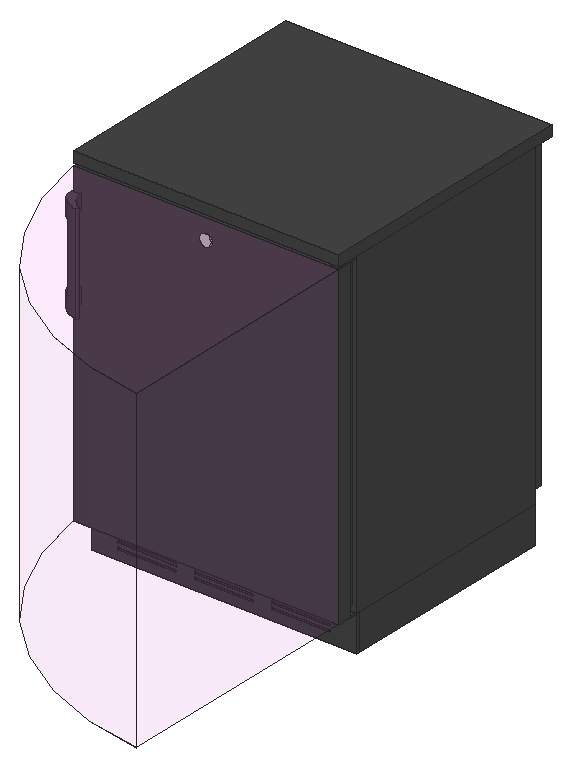
Revit family "QF_Summit_FF7LBLK_Refrigerator", category Specialty Equipment, Revit 2020
Family settings
  Round Connector Dimension = Use Diameter
  Part Type = Normal
  Work Plane-Based = No
  Always vertical = Yes
  Cut with Voids When Loaded = No
  Shared = No
  Room Calculation Point = No
Parameters
  Weight in Pounds = 100
  Watts = Volts * FL Amps  # 92 W
  Volts = 115 V
  URL Cutsheet = ""
  Specification by User = ""
  Specification by Manufacturer = ""
  Show LHD [instance] = no
  Right Hinged Door [instance] = not(Show LHD)  # yes
  Serial Number = ""
  Seismic Rating = ""
  SMACNA No = ""
  Revision Code = ""
  Refrigerant Volume = 0.00 kip
  Refrigerant Type = "R600a"
  Phase = 1
  Number of Poles = 1
  NAFEM Spec ID Number = ""
  Model = "FF7LBLK"
  Min Ckt Ampacity = 0 A
  Max Overcurrent Protection = 0 A
  Masterspec = ""
  Manufacturer = "Summit"
  Length = 23 5/8"
  Item Number = ""
  Installed By = ""
  Identify Quantity as Lot = yes
  Height = 33 1/2"
  HP = ""
  Furnished By = ""
  Foodservice Equipment Identifier = yes
  FL Amps = 0.8 A
  Electrical Remarks = ""
  Electric Connection Type = ""
  Elec Conn RI Height = 0"
  Elec Conn Connection Height = 0"
  Description = "Refrigerator"
  Depth = 23 5/8"
  Default Elevation = 0"
  Cycle = 60 Hz
  Conn Plug = ""
  Conn Conduit = yes
  CSI MasterFormat = ""
  BTUH = 0.0 Btu/h
  Apparent Power = if(Phase = 3, Volts * FL Amps * 1.73, Volts * FL Amps)  # 92 VA
Reference planes (in)
  plane 1 "BACK": y = 0
  plane 2: z = 0
  plane 3 "LEFT": x = 0
  plane 4 "RIGHT": x = 23.625
  plane 5 "FRONT": y = -23.625
  plane 6 "TOP": z = 33.5
  plane 7 "Center Y": x = 11.8125
  plane 8 "Center X": y = -11.8125
  plane 9: z = 32.25
  plane 10: y = -25.5
  plane 11: y = -1.875
  plane 12: y = -21.625
  plane 13: x = 16.625
  plane 14: z = 4
  plane 15: z = 0.75
  plane 16: y = -46.125
Forms (in)
  Extrusion 1, solid, material "QF_Metallic_Paint_Black_Smooth"
    sketch origin (-38.39759, -180, 33.5) x (-1, 0, 0) y (0, -1, 0)
      loop
        line (-38.39759, -180) -> (-38.39759, -156.375) -> (-62.02259, -156.375) -> (-62.02259, -180) -> (-38.39759, -180)
    from 0 to -1
  Extrusion 2, solid, material "QF_Metallic_Paint_Black_Smooth"
    sketch origin (-4.07558, -180.875, 0.875) x (-1, 0, 0) y (0, -1, 0)
      loop
        line (-4.07558, -179) -> (-4.07558, -159.25) -> (-27.70058, -159.25) -> (-27.70058, -179) -> (-4.07558, -179)
    from 3.125 to 31.625
  Extrusion 3, solid, material "QF_Metallic_Paint_Black_Smooth"
    sketch origin (-5.77638, -180.875, 4.125) x (-1, 0, 0) y (0, -1, 0)
      loop
        line (-5.77638, -157.25) -> (-29.40138, -157.25) -> (-29.40138, -158.5) -> (-5.77638, -158.5) -> (-5.77638, -157.25)
    from -0.125 to 28.125
  Extrusion 4, solid, material "QF_Metallic_Paint_Black_Smooth"
    sketch origin (23.625, -22.375, 4.125) x (-1, 0, 0) y (0, 0, 1)
      loop
        line (0.5, 0.375) -> (23.125, 0.375) -> (23.125, 27.625) -> (0.5, 27.625) -> (0.5, 0.375)
    from 0 to 0.75
  Extrusion 5, solid, material "QF_Metallic_Paint_Black_Smooth", visible <- "Right Hinged Door"
    sketch origin (-5.77638, -180.875, 32.25) x (-1, 0, 0) y (0, -1, 0)
      loop
        line (-29.27619, -159.25) -> (-27.58808, -159.25) -> (-28.47012, -157.54371)
        arc (-28.47012, -157.54371) -> (-28.95386, -157.33588) -> (-29.27619, -157.75217) r 0.42999
        line (-29.27619, -157.75217) -> (-29.27619, -159.25)
    from 0 to 0.25
  Extrusion 6, solid, material "QF_Metallic_Paint_Black_Smooth", visible <- "Right Hinged Door"
    sketch origin (-5.77638, -180.625, 4) x (0, 1, 0) y (1, 0, 0)
      loop
        line (159, 29.27619) -> (157.50217, 29.27619)
        arc (157.50217, 29.27619) -> (157.08588, 28.95386) -> (157.29371, 28.47012) r 0.42999
        line (157.29371, 28.47012) -> (159, 27.58808) -> (159, 29.27619)
    from 0 to 0.125
  Extrusion 7, solid, material "QF_Metallic_Paint_Black_Smooth"
    sketch origin (-12.48311, -21.625, 48.125) x (-1, 0, 0) y (0, 0, 1)
      loop
        line (-12.48311, -44.125) -> (-36.10811, -44.125) -> (-36.10811, -47.375) -> (-12.48311, -47.375) -> (-12.48311, -44.125)
      loop
        line (-14.81372, -44.76011) -> (-20.06372, -44.76011) -> (-20.06372, -45.01011) -> (-14.81372, -45.01011) -> (-14.81372, -44.76011)
      loop
        line (-14.81372, -45.26011) -> (-20.06372, -45.26011) -> (-20.06372, -45.51011) -> (-14.81372, -45.51011) -> (-14.81372, -45.26011)
      loop
        line (-14.81372, -45.76011) -> (-20.06372, -45.76011) -> (-20.06372, -46.01011) -> (-14.81372, -46.01011) -> (-14.81372, -45.76011)
      loop
        line (-14.81372, -46.26011) -> (-20.06372, -46.26011) -> (-20.06372, -46.51011) -> (-14.81372, -46.51011) -> (-14.81372, -46.26011)
      loop
        line (-21.68145, -44.76011) -> (-26.93145, -44.76011) -> (-26.93145, -45.01011) -> (-21.68145, -45.01011) -> (-21.68145, -44.76011)
      loop
        line (-21.68145, -45.26011) -> (-26.93145, -45.26011) -> (-26.93145, -45.51011) -> (-21.68145, -45.51011) -> (-21.68145, -45.26011)
      loop
        line (-21.68145, -45.76011) -> (-26.93145, -45.76011) -> (-26.93145, -46.01011) -> (-21.68145, -46.01011) -> (-21.68145, -45.76011)
      loop
        line (-21.68145, -46.26011) -> (-26.93145, -46.26011) -> (-26.93145, -46.51011) -> (-21.68145, -46.51011) -> (-21.68145, -46.26011)
      loop
        line (-33.77749, -44.76011) -> (-33.77749, -45.01011) -> (-28.52749, -45.01011) -> (-28.52749, -44.76011) -> (-33.77749, -44.76011)
      loop
        line (-33.77749, -45.26011) -> (-33.77749, -45.51011) -> (-28.52749, -45.51011) -> (-28.52749, -45.26011) -> (-33.77749, -45.26011)
      loop
        line (-33.77749, -45.76011) -> (-33.77749, -46.01011) -> (-28.52749, -46.01011) -> (-28.52749, -45.76011) -> (-33.77749, -45.76011)
      loop
        line (-33.77749, -46.26011) -> (-33.77749, -46.51011) -> (-28.52749, -46.51011) -> (-28.52749, -46.26011) -> (-33.77749, -46.26011)
    from 0 to 0.25
  Extrusion 8, solid, material "QF_Metallic_Paint_Black_Smooth"
    sketch origin (-12.48311, -1.875, 48.125) x (-1, 0, 0) y (0, 0, 1)
      loop
        line (-12.48311, -44.125) -> (-36.10811, -44.125) -> (-36.10811, -47.375) -> (-12.48311, -47.375) -> (-12.48311, -44.125)
    from -19.75 to 0
  Extrusion 9, solid, material "QF_Metallic_Paint_Black_Smooth"
    sketch origin (0, -0.875, 0.125) x (1, 0, 0) y (0, 1, 0)
      loop
        circle (3.1104, -19) r 0.5
      loop
        circle (3.1104, -3.25) r 0.5
      loop
        circle (20.5146, -19) r 0.5
      loop
        circle (20.5146, -3.25) r 0.5
    from -0.125 to 0.625
  Extrusion 10, solid, material "QF_Metallic_Paint_White_Smooth"
    sketch origin (-0.83669, -1.875, 0.875) x (1, 0, 0) y (0, 0, -1)
      loop
        circle (17.46169, -0.84684) r 0.25
    from 0 to 0.25
  Extrusion 11, solid, material "QF_Metallic_Paint_Black_Smooth"
    sketch origin (0, -1.625, 18.625) x (0, -1, 0) y (1, 0, 0)
      loop
        line (-1.125, 0.5) -> (0.25, 0.5) -> (0.25, 23.125) -> (-1.125, 23.125) -> (-1.125, 0.5)
    from -13.875 to 13.875
  Extrusion 12, solid, material "QF_Metallic_Paint_Black_Smooth", visible <- "Right Hinged Door"
    sketch origin (-4.33192, -180.875, 21.5) x (-1, 0, 0) y (0, -1, 0)
      loop
        line (-4.99373, -157.25) -> (-4.33192, -157.25) -> (-4.33192, -158.25) -> (-4.20874, -158.25) -> (-4.20874, -157.23514)
        arc (-4.20874, -157.23514) -> (-4.75356, -155.91982) -> (-6.06887, -155.375) r 1.86014
        arc (-6.06887, -155.375) -> (-6.19258, -155.46667) -> (-6.14089, -155.6117) r 0.1293
        arc (-6.14089, -155.6117) -> (-5.31997, -156.25765) -> (-4.99373, -157.25) r 1.80686
    from 0 to 8.75
  Extrusion 13, void
    sketch origin (-0.313, -24.02623, 29.25) x (-0.903686, -0.428195, 0) y (-0.428195, 0.903686, 0)
      loop
        line (-0.6026, 1.26504) -> (-2.35298, 0.43565) -> (-1.6054, -1.14209) -> (0.11167, -1.7551) -> (0.69701, -1.47774) -> (-0.6026, 1.26504)
    from 0.375 to 6.375
  Extrusion 14, solid, material "QF_Clearances_Door_Drawer", visible <- "Right Hinged Door"
    sketch origin (-5.77638, -180.875, 4) x (0, -1, 0) y (-1, 0, 0)
      loop
        line (-157.25, -29.40138) -> (-134.75, -29.40138)
        arc (-134.75, -29.40138) -> (-141.84736, -13.63398) -> (-157.25, -5.77638) r 26.06837
        line (-157.25, -5.77638) -> (-157.25, -29.40138)
    from 0 to -28.25
  Extrusion 15, solid, material "QF_Metal_Stainless_Polished"
    sketch origin (23.625, -23.625, 4) x (-1, 0, 0) y (0, 0, 1)
      loop
        circle (11.8125, 26.5) r 0.5
    from 0 to -0.0625
  Extrusion 16, solid, material "QF_Metallic_Paint_Black_Smooth", visible <- "Show LHD"
    sketch origin (29.40138, -180.875, 32.25) x (1, 0, 0) y (0, 1, 0)
      loop
        line (-29.27619, 159.25) -> (-29.27619, 157.75217)
        arc (-29.27619, 157.75217) -> (-28.95386, 157.33588) -> (-28.47012, 157.54371) r 0.42999
        line (-28.47012, 157.54371) -> (-27.58808, 159.25) -> (-29.27619, 159.25)
    from 0 to 0.25
  Extrusion 17, solid, material "QF_Metallic_Paint_Black_Smooth", visible <- "Show LHD"
    sketch origin (29.40138, -180.625, 4) x (0, -1, 0) y (-1, 0, 0)
      loop
        line (-159, 29.27619) -> (-159, 27.58808) -> (-157.29371, 28.47012)
        arc (-157.29371, 28.47012) -> (-157.08588, 28.95386) -> (-157.50217, 29.27619) r 0.42999
        line (-157.50217, 29.27619) -> (-159, 29.27619)
    from 0 to 0.125
  Extrusion 18, solid, material "QF_Metallic_Paint_Black_Smooth", visible <- "Show LHD"
    sketch origin (27.95692, -180.875, 21.5) x (1, 0, 0) y (0, 1, 0)
      loop
        arc (-4.99373, 157.25) -> (-5.31997, 156.25765) -> (-6.14089, 155.6117) r 1.80686
        arc (-6.14089, 155.6117) -> (-6.19258, 155.46667) -> (-6.06887, 155.375) r 0.1293
        arc (-6.06887, 155.375) -> (-4.75356, 155.91982) -> (-4.20874, 157.23514) r 1.86014
        line (-4.20874, 157.23514) -> (-4.20874, 158.25) -> (-4.33192, 158.25) -> (-4.33192, 157.25) -> (-4.99373, 157.25)
    from 0 to 8.75
  Extrusion 19, void
    sketch origin (23.938, -24.02623, 29.25) x (-0.903686, 0.428195, 0) y (0.428195, 0.903686, 0)
      loop
        line (0.6026, 1.26504) -> (-0.69701, -1.47774) -> (-0.11167, -1.7551) -> (1.6054, -1.14209) -> (2.35298, 0.43565) -> (0.6026, 1.26504)
    from 0.375 to 6.375
  Extrusion 20, solid, material "QF_Clearances_Door_Drawer", visible <- "Show LHD"
    sketch origin (29.40138, -180.875, 4) x (0, 1, 0) y (1, 0, 0)
      loop
        line (157.25, -29.40138) -> (157.25, -5.77638)
        arc (157.25, -5.77638) -> (141.84736, -13.63398) -> (134.75, -29.40138) r 26.06837
        line (134.75, -29.40138) -> (157.25, -29.40138)
    from 0 to -28.25
Cuts and joins
  Extrusion 13, Extrusion 19 cuts Extrusion 12
  Extrusion 19 cuts Extrusion 18
Lines and regions (in)
  symbolic lines
    curve 1: line (0, 0, 0) -> (0, -23.625, 0)
    curve 2: line (23.625, -23.625, 0) -> (23.625, 0, 0)
    curve 3: line (0, -23.625, 0) -> (23.625, -23.625, 0)
    curve 10: line (23.625, 0, 0) -> (0, 0, 0)
  symbolic lines, visible <- "Right Hinged Door"
    curve 4: line (-0.12318, -22.625, 0) -> (0, -22.625, 0)
    curve 5: line (-0.12318, -22.625, 0) -> (-0.12318, -23.63986, 0)
    curve 6: arc (-0.12318, -23.63986, 0) -> (0.42164, -24.95518, 0) -> (1.73695, -25.5, 0) r 1.86014
    curve 7: arc (1.80897, -25.2633, 0) -> (0.98805, -24.61735, 0) -> (0.66182, -23.625, 0) r 1.80686
    curve 8: arc (1.73695, -25.5, 0) -> (1.86066, -25.40833, 0) -> (1.80897, -25.2633, 0) r 0.1293
  symbolic lines, style "QF_Clearances_Door_Drawer", visible <- "Right Hinged Door"
    curve 9: line (23.625, -23.625, 0) -> (4.27198, -34.79847, 0)
    curve 11: arc (4.27198, -34.79847, 0) -> (1.48641, -29.46009, 0) -> (0, -23.625, 0) r 26.06837
  symbolic lines, style "QF_Clearances_Door_Drawer", visible <- "Show LHD"
    curve 12: line (0, -23.625, 0) -> (19.35302, -34.79847, 0)
    curve 13: arc (19.35302, -34.79847, 0) -> (22.13859, -29.46009, 0) -> (23.625, -23.625, 0) r 26.06837
  symbolic lines, visible <- "Show LHD"
    curve 14: line (23.74818, -22.625, 0) -> (23.625, -22.625, 0)
    curve 15: line (23.74818, -22.625, 0) -> (23.74818, -23.63986, 0)
    curve 16: arc (23.74818, -23.63986, 0) -> (23.20336, -24.95518, 0) -> (21.88805, -25.5, 0) r 1.86014
    curve 17: arc (21.81603, -25.2633, 0) -> (22.63695, -24.61735, 0) -> (22.96318, -23.625, 0) r 1.80686
    curve 18: arc (21.88805, -25.5, 0) -> (21.76434, -25.40833, 0) -> (21.81603, -25.2633, 0) r 0.1293
Dimensions and locks (in)
  equal spacing: plane 3 "LEFT", plane 7 "Center Y", plane 4 "RIGHT"
  "Length": plane 3 "LEFT" to plane 4 "RIGHT"
  equal spacing: plane 5 "FRONT", plane 8 "Center X", plane 1 "BACK"
  "Depth": plane 5 "FRONT" to plane 1 "BACK"
  "Height": plane 6 "TOP" to level
  plane 4 "RIGHT" to plane 3 "LEFT" = 23 5/8"
  plane 6 "TOP" to plane 9 = 1 1/4"
  locked: plane 10 to plane 5 "FRONT" at 1.875
  plane 1 "BACK" to plane 11 = 1 7/8"
  plane 11 to plane 12 = 19 3/4"
  plane 9 to plane 2 = 32 1/4"
  locked: plane 14 to plane 15 at 3.25
  plane 15 to plane 2 = 3/4"
  plane 13 to plane 4 "RIGHT" = 7"
  plane 1 "BACK" to plane 16 = 46 1/8"
  aligned and locked: level to plane 2
Automatic sketch dimensions
  plane 1 "BACK" to Extrusion 1 sketch curve = 0"
  Extrusion 1 sketch curve to plane 4 "RIGHT" = 0"
  Extrusion 1 sketch curve to plane 3 "LEFT" = 0"
  plane 5 "FRONT" to Extrusion 1 sketch curve = 0"
  Extrusion 2 sketch curve to plane 4 "RIGHT" = 0"
  Extrusion 2 sketch curve to plane 3 "LEFT" = 0"
  Extrusion 2 sketch curve to plane 11 = 0"
  Extrusion 2 sketch curve to plane 12 = 0"
  Extrusion 3 sketch curve to plane 4 "RIGHT" = 0"
  Extrusion 3 sketch curve to plane 3 "LEFT" = 0"
  plane 5 "FRONT" to Extrusion 3 sketch curve = 0"
  Extrusion 3 sketch curve to plane 12 = 3/4"
  Extrusion 3 to Extrusion 4 sketch curve = 1/2"  (x3)
  Extrusion 4 sketch curve to Extrusion 3 = 1/2"
  Extrusion 5 sketch curve to Extrusion 3 = 0.12518"
  Extrusion 5 sketch curve to Extrusion 5 sketch curve = 0.42999"
  Extrusion 5 sketch curve to Extrusion 3 = 0.29371"
  Extrusion 5 sketch curve to Extrusion 5 sketch curve = 0.37608"
  Extrusion 3 to Extrusion 5 sketch curve = 3/4"
  Extrusion 5 sketch curve to Extrusion 5 sketch curve = 1.68812"
  Extrusion 6 sketch curve to plane 12 = 0"
  Extrusion 6 sketch curve to plane 5 "FRONT" = 0.50217"
  Extrusion 6 sketch curve to plane 5 "FRONT" = 0.29371"
  plane 4 "RIGHT" to Extrusion 6 sketch curve = 0.12518"
  Extrusion 6 sketch curve to Extrusion 6 sketch curve = 0.42999"
  Extrusion 6 sketch curve to Extrusion 6 sketch curve = 1.68812"
  plane 4 "RIGHT" to Extrusion 7 sketch curve = 0"
  Extrusion 7 sketch curve to plane 3 "LEFT" = 0"
  Extrusion 7 sketch curve to plane 15 = 0"
  Extrusion 7 sketch curve to plane 14 = 0"
  Extrusion 7 sketch curve to plane 14 = 0.88511"
  plane 4 "RIGHT" to Extrusion 7 sketch curve = 2.33062"
  Extrusion 7 sketch curve to Extrusion 7 sketch curve = 0"  (x18)
  plane 13 to Extrusion 7 sketch curve = 0.58062"
  Extrusion 7 sketch curve to Extrusion 7 sketch curve = 1.59604"
  Extrusion 7 sketch curve to plane 14 = 1.13511"
  Extrusion 7 sketch curve to plane 7 "Center Y" = 2.61416"
  Extrusion 7 sketch curve to Extrusion 7 sketch curve = 1.61773"
  plane 3 "LEFT" to Extrusion 7 sketch curve = 2.33062"
  plane 15 to Extrusion 7 sketch curve = 0.86489"  (x3)
  Extrusion 7 sketch curve to Extrusion 7 sketch curve = 1/4"  (x19)
  plane 4 "RIGHT" to Extrusion 8 sketch curve = 0"
  Extrusion 8 sketch curve to plane 3 "LEFT" = 0"
  Extrusion 8 sketch curve to plane 15 = 0"
  Extrusion 8 sketch curve to plane 14 = 0"
  plane 3 "LEFT" to Extrusion 9 sketch curve = 3.1104"  (x2)
  plane 4 "RIGHT" to Extrusion 9 sketch curve = 3.1104"  (x2)
  plane 12 to Extrusion 9 sketch curve = 1 3/4"  (x2)
  Extrusion 9 sketch curve to plane 11 = 2 1/4"  (x2)
  Extrusion 10 sketch curve to Extrusion 2 = 2.27816"
  Extrusion 10 sketch curve to Extrusion 2 = 7"
  Extrusion 11 sketch curve to plane 11 = 0"
  plane 1 "BACK" to Extrusion 11 sketch curve = 1/2"
  plane 3 "LEFT" to Extrusion 11 sketch curve = 1/2"
  plane 4 "RIGHT" to Extrusion 11 sketch curve = 1/2"
  Extrusion 12 sketch curve to plane 10 = 0"  (x2)
  plane 5 "FRONT" to Extrusion 12 sketch curve = 0"
  Extrusion 12 sketch curve to plane 3 "LEFT" = 0"
  Extrusion 12 sketch curve to Extrusion 12 sketch curve = 0.66182"
  plane 10 to Extrusion 12 sketch curve = 0.1293"
  plane 3 "LEFT" to Extrusion 12 sketch curve = 1.73695"
  Extrusion 12 sketch curve to plane 5 "FRONT" = 0.04402"
  Extrusion 12 sketch curve to Extrusion 12 sketch curve = 0.73118"
  Extrusion 12 sketch curve to plane 3 "LEFT" = 0.12318"
  Extrusion 12 sketch curve to Extrusion 12 sketch curve = 1"
  Extrusion 13 sketch curve to plane 5 "FRONT" = 1"
  plane 3 "LEFT" to Extrusion 13 sketch curve = 1.62682"
  Extrusion 13 sketch curve to Extrusion 13 sketch curve = 0.74758"
  Extrusion 13 sketch curve to Extrusion 13 sketch curve = 1.75038"
  Extrusion 13 sketch curve to Extrusion 13 sketch curve = 1.71708"
  Extrusion 13 sketch curve to Extrusion 13 sketch curve = 0.58534"
  Extrusion 13 sketch curve to Extrusion 13 sketch curve = 0.82939"
  Extrusion 14 sketch curve to plane 3 "LEFT" = 0"
  plane 5 "FRONT" to Extrusion 14 sketch curve = 0"
  Extrusion 14 sketch curve to plane 4 "RIGHT" = 0"
  Extrusion 14 sketch curve to plane 16 = 0"
  plane 12 to Extrusion 14 sketch curve = 1.47446"
  Extrusion 14 to Extrusion 15 sketch curve = 1 3/4"
  Extrusion 15 sketch curve to Extrusion 14 = 11 13/16"
  Extrusion 16 sketch curve to Extrusion 3 = 0.12518"
  Extrusion 16 sketch curve to Extrusion 16 sketch curve = 0.42999"
  Extrusion 16 sketch curve to Extrusion 3 = 0.29371"
  Extrusion 16 sketch curve to Extrusion 16 sketch curve = 0.37608"
  Extrusion 3 to Extrusion 16 sketch curve = 3/4"
  Extrusion 16 sketch curve to Extrusion 16 sketch curve = 1.68812"
  Extrusion 17 sketch curve to plane 12 = 0"
  Extrusion 17 sketch curve to plane 5 "FRONT" = 0.50217"
  Extrusion 17 sketch curve to plane 5 "FRONT" = 0.29371"
  plane 3 "LEFT" to Extrusion 17 sketch curve = 0.12518"
  Extrusion 17 sketch curve to Extrusion 17 sketch curve = 0.42999"
  Extrusion 17 sketch curve to Extrusion 17 sketch curve = 1.68812"
  plane 10 to Extrusion 18 sketch curve = 0"  (x2)
  plane 5 "FRONT" to Extrusion 18 sketch curve = 0"
  Extrusion 18 sketch curve to plane 4 "RIGHT" = 0"
  Extrusion 18 sketch curve to Extrusion 18 sketch curve = 0.66182"
  plane 10 to Extrusion 18 sketch curve = 0.1293"
  plane 4 "RIGHT" to Extrusion 18 sketch curve = 1.73695"
  Extrusion 18 sketch curve to plane 5 "FRONT" = 0.04402"
  Extrusion 18 sketch curve to Extrusion 18 sketch curve = 0.73118"
  Extrusion 18 sketch curve to plane 4 "RIGHT" = 0.12318"
  Extrusion 18 sketch curve to Extrusion 18 sketch curve = 1"
  Extrusion 19 sketch curve to plane 10 = 0.1601"
  Extrusion 19 sketch curve to plane 4 "RIGHT" = 0.31012"
  Extrusion 19 sketch curve to Extrusion 19 sketch curve = 0.58534"
  Extrusion 19 sketch curve to Extrusion 19 sketch curve = 1.29962"
  Extrusion 19 sketch curve to Extrusion 19 sketch curve = 1.71708"
  Extrusion 19 sketch curve to Extrusion 19 sketch curve = 0.74758"
  Extrusion 19 sketch curve to Extrusion 19 sketch curve = 0.33566"
  Extrusion 20 sketch curve to plane 3 "LEFT" = 0"
  Extrusion 20 sketch curve to plane 16 = 0"
  plane 5 "FRONT" to Extrusion 20 sketch curve = 0"
  Extrusion 20 sketch curve to plane 4 "RIGHT" = 0"
  plane 12 to Extrusion 20 sketch curve = 1.47446"
  curve 3 to plane 3 "LEFT" = 0"
  plane 5 "FRONT" to curve 7 = 0"
  curve 8 to plane 10 = 0"
  curve 6 to plane 10 = 0"
  plane 10 to curve 16 = 0"
  plane 10 to curve 18 = 0"
  curve 3 to plane 4 "RIGHT" = 0"
  plane 1 "BACK" to curve 10 = 0"
  curve 5 to plane 3 "LEFT" = 0.12318"
  curve 13 to plane 3 "LEFT" = 2.21079"
  plane 10 to curve 8 = 0.1293"
  plane 3 "LEFT" to curve 8 = 1.73695"
  curve 7 to plane 5 "FRONT" = 0.04402"
  curve 6 to curve 7 = 0.73118"
  plane 3 "LEFT" to curve 9 = 4.27198"
  curve 12 to plane 13 = 2.72802"
  curve 17 to plane 5 "FRONT" = 0.04402"
  plane 4 "RIGHT" to curve 17 = 2.46814"
  plane 5 "FRONT" to curve 16 = 0.01486"
  curve 17 to curve 16 = 0.73118"
  curve 11 to plane 4 "RIGHT" = 2.21079"
  curve 9 to curve 8 = 9.29847"
  curve 12 to curve 18 = 9.29847"
  curve 16 to curve 18 = 0.1293"
  curve 15 to plane 5 "FRONT" = 1"
  curve 4 to plane 5 "FRONT" = 1"
  curve 11 to curve 7 = 0.66182"
  curve 17 to curve 18 = 0.07202"
  radius of Extrusion 9 sketch curve = 1/2"  (x4)
  radius of Extrusion 10 sketch curve = 1/4"
  radius of Extrusion 15 sketch curve = 1/2"
Connectors (in)
  electrical at (16.625, -1.625, 1.72184), driven by "Volts", driven by "Watts"
    settings: on Extrusion 10, index 4, voltage 115 V, apparent load 92 VA, apparent load phase1 0 VA, apparent load phase2 0 VA, apparent load phase3 0 VA, power factor 1, load classification "Other", number of poles 1, system type 30, power factor state 1, is connector primary yes, connector utility no, sub classification motor no, connector description ""
